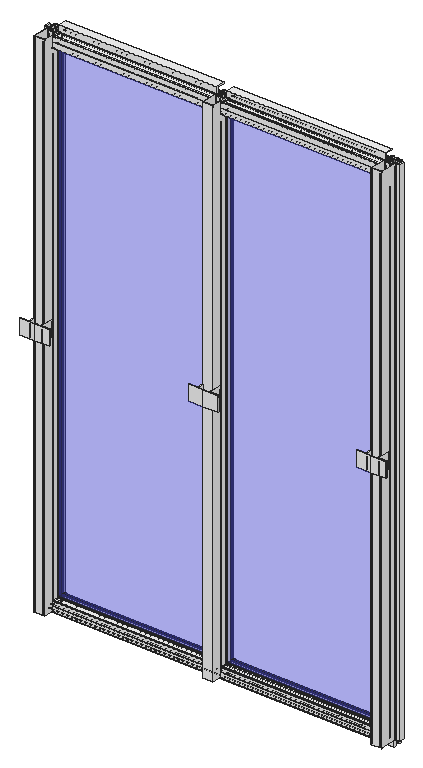
Revit family "Facade_60_Curtain_Wall_I21_Custom", category Windows, host Wall, Revit 2014 (continued)
Definition of nested family "F60 Vertical Profile Middle_I21_Cust"
  Forms (mm)
    Extrusion 2, solid, material <- "Thermal Break Material"
      sketch origin (0, 0, 0) x (1, 0, 0) y (0, 1, 0)
        loop
          line (6.95, 8.456) -> (30, 8.456) -> (53.05, 8.456)
          arc (53.05, 8.456) -> (53.474, 8.281) -> (53.65, 7.856) r 0.6
          line (53.65, 7.856) -> (53.65, 3.9) -> (60, 3.9) -> (60, 5.2) -> (58.25, 5.2) -> (58.25, 9.8) -> (30, 9.8) -> (1.75, 9.8)
      from 0 to 250 <- "Length"
    Extrusion 3, solid, material <- "Thermal Break Material", visible <- "Single Glazing"
      sketch origin (0, 0, 0) x (1, 0, 0) y (0, 1, 0)
        loop
          line (25.749, -14.011) -> (27.672, -14.011) -> (28.481, -12.611) -> (31.518, -12.611) -> (32.327, -14.011) -> (34.249, -14.011)
          arc (34.249, -14.011) -> (34.603, -13.864) -> (34.749, -13.511) r 0.5
          line (34.749, -13.511) -> (34.749, -10.011)
          arc (34.749, -10.011) -> (34.603, -9.657) -> (34.249, -9.511) r 0.5
          line (34.249, -9.511) -> (32.352, -9.511) -> (32.352, 0.19) -> (31.349, 2.261)
          arc (31.349, 2.261) -> (29.999, 2.986) -> (28.649, 2.261) r 1.62
          line (28.649, 2.261) -> (27.647, 0.19) -> (27.647, -9.511) -> (25.749, -9.511)
          arc (25.749, -9.511) -> (25.396, -9.657) -> (25.249, -10.011) r 0.5
          line (25.249, -10.011) -> (25.249, -13.511)
          arc (25.249, -13.511) -> (25.396, -13.864) -> (25.749, -14.011) r 0.5
        loop
          line (28.504, -10.005) -> (28.504, -10.861)
          arc (28.504, -10.861) -> (28.651, -11.214) -> (29.004, -11.361) r 0.5
          line (29.004, -11.361) -> (30.994, -11.361)
          arc (30.994, -11.361) -> (31.348, -11.214) -> (31.494, -10.861) r 0.5
          line (31.494, -10.861) -> (31.494, -10.005) -> (30.708, -9.219)
          arc (30.708, -9.219) -> (30.383, -9.001) -> (29.999, -8.924) r 1.007
          arc (29.999, -8.924) -> (29.616, -8.999) -> (29.292, -9.217) r 0.986
          line (29.292, -9.217) -> (28.504, -10.005)
        loop
          arc (30.896, 1.935) -> (29.887, 2.44) -> (29.005, 1.735) r 1.047
          line (29.005, 1.735) -> (28.347, 0.374) -> (28.347, -6.993)
          arc (28.347, -6.993) -> (28.583, -7.417) -> (29.068, -7.441) r 0.5
          arc (29.068, -7.441) -> (29.999, -7.223) -> (30.93, -7.441) r 2.099
          arc (30.93, -7.441) -> (31.416, -7.417) -> (31.652, -6.993) r 0.5
          line (31.652, -6.993) -> (31.652, 0.374) -> (30.896, 1.935)
      from 0 to 250 <- "Length"
    Extrusion 4, solid, material <- "Profile Material", visible <- "Single Glazing"
      sketch origin (0, 0, 0) x (1, 0, 0) y (0, 1, 0)
        loop
          line (52.693, -14.011) -> (32.327, -14.011) -> (31.519, -12.611) -> (28.481, -12.611) -> (27.673, -14.011) -> (7.307, -14.011) -> (7.307, -15.011) -> (8.457, -15.011) -> (8.457, -16.261) -> (2.957, -16.261) -> (2.957, -15.011) -> (4.107, -15.011) -> (4.107, -14.011) -> (1.707, -14.011)
          arc (1.707, -14.011) -> (1.199, -14.293) -> (1.168, -14.873) r 0.6
          line (1.168, -14.873) -> (2.093, -16.772) -> (1.015, -17.298) -> (1.484, -18.261) -> (11.488, -18.261)
          arc (11.488, -18.261) -> (11.913, -18.085) -> (12.088, -17.661) r 0.6
          line (12.088, -17.661) -> (12.088, -16.811) -> (47.912, -16.811) -> (47.912, -17.661)
          arc (47.912, -17.661) -> (48.088, -18.085) -> (48.512, -18.261) r 0.6
          line (48.512, -18.261) -> (58.518, -18.261) -> (58.987, -17.298) -> (57.908, -16.772) -> (58.834, -14.874)
          arc (58.834, -14.874) -> (58.802, -14.293) -> (58.293, -14.011) r 0.6
          line (58.293, -14.011) -> (55.893, -14.011) -> (55.893, -15.011) -> (57.043, -15.011) -> (57.043, -16.261) -> (51.543, -16.261) -> (51.543, -15.011) -> (52.693, -15.011) -> (52.693, -14.011)
      from 0 to 250 <- "Length"
    Extrusion 5, solid, material <- "Profile Material", visible <- "Single Glazing"
      sketch origin (0, 0, 0) x (1, 0, 0) y (0, 1, 0)
        loop
          line (2.801, -18.261) -> (1.484, -18.261) -> (1.015, -17.298) -> (2.093, -16.772) -> (0.779, -14.076)
          arc (0.779, -14.076) -> (0.239, -14.21) -> (0.001, -14.713) r 0.65
          line (0.001, -14.713) -> (0.001, -28.068)
          arc (0.001, -28.068) -> (1.172, -30.897) -> (4.001, -32.068) r 4
          line (4.001, -32.068) -> (30.001, -32.068) -> (56.001, -32.068)
          arc (56.001, -32.068) -> (58.829, -30.897) -> (60.001, -28.068) r 4
          line (60.001, -28.068) -> (60.001, -14.713)
          arc (60.001, -14.713) -> (59.763, -14.21) -> (59.223, -14.076) r 0.65
          line (59.223, -14.076) -> (57.908, -16.772) -> (58.987, -17.298) -> (58.518, -18.261) -> (57.201, -18.261)
          arc (57.201, -18.261) -> (56.83, -18.425) -> (56.703, -18.811) r 0.5
          arc (56.703, -18.811) -> (56.83, -19.196) -> (57.201, -19.361) r 0.5
          line (57.201, -19.361) -> (58.951, -19.361) -> (58.951, -27.968)
          arc (58.951, -27.968) -> (58.131, -29.948) -> (56.151, -30.768) r 2.8
          line (56.151, -30.768) -> (30.001, -30.768) -> (3.851, -30.768)
          arc (3.851, -30.768) -> (1.871, -29.948) -> (1.051, -27.968) r 2.8
          line (1.051, -27.968) -> (1.051, -19.361) -> (2.801, -19.361)
          arc (2.801, -19.361) -> (3.172, -19.196) -> (3.298, -18.811) r 0.5
          arc (3.298, -18.811) -> (3.172, -18.425) -> (2.801, -18.261) r 0.5
      from 0 to 250 <- "Length"
    Extrusion 6, solid, material <- "Profile Material", visible <- "100mm Mullion"
      sketch origin (0, 0, 0) x (1, 0, 0) y (0, 1, 0)
        loop
          line (14.02, 13) -> (45.98, 13)
          arc (45.98, 13) -> (46.539, 12.842) -> (46.917, 12.4) r 1
          arc (46.917, 12.4) -> (47.285, 11.963) -> (47.833, 11.8) r 1
          line (47.833, 11.8) -> (58.15, 11.8) -> (58.15, 96.3) -> (47.833, 96.3)
          arc (47.833, 96.3) -> (47.285, 96.137) -> (46.917, 95.7) r 1
          arc (46.917, 95.7) -> (46.548, 95.263) -> (46, 95.1) r 1
          line (46, 95.1) -> (14, 95.1)
          arc (14, 95.1) -> (13.452, 95.263) -> (13.083, 95.7) r 1
          arc (13.083, 95.7) -> (12.715, 96.137) -> (12.167, 96.3) r 1
          line (12.167, 96.3) -> (1.85, 96.3) -> (1.85, 11.8) -> (12.167, 11.8)
          arc (12.167, 11.8) -> (12.715, 11.963) -> (13.083, 12.4) r 1
          arc (13.083, 12.4) -> (13.461, 12.842) -> (14.02, 13) r 1
        loop
          line (1.65, 9.856) -> (58.35, 9.856) -> (58.35, 5.2) -> (60, 5.2) -> (60, 98.8)
          arc (60, 98.8) -> (59.707, 99.507) -> (59, 99.8) r 1
          line (59, 99.8) -> (1, 99.8)
          arc (1, 99.8) -> (0.293, 99.507) -> (0, 98.8) r 1
          line (0, 98.8) -> (0, 5.2) -> (1.65, 5.2) -> (1.65, 9.856)
      from 0 to 250 <- "Length"
    Extrusion 7, solid, material <- "Profile Material", visible <- "160mm Mullion"
      sketch origin (0, 0, 0) x (1, 0, 0) y (0, 1, 0)
        loop
          arc (2.35, 15.6) -> (2.526, 15.176) -> (2.95, 15) r 0.6
          line (2.95, 15) -> (57.05, 15)
          arc (57.05, 15) -> (57.474, 15.176) -> (57.65, 15.6) r 0.6
          line (57.65, 15.6) -> (57.65, 153.7)
          arc (57.65, 153.7) -> (57.474, 154.124) -> (57.05, 154.3) r 0.6
          line (57.05, 154.3) -> (47.833, 154.3)
          arc (47.833, 154.3) -> (47.285, 154.137) -> (46.917, 153.7) r 1
          arc (46.917, 153.7) -> (46.548, 153.263) -> (46, 153.1) r 1
          line (46, 153.1) -> (14, 153.1)
          arc (14, 153.1) -> (13.452, 153.263) -> (13.083, 153.7) r 1
          arc (13.083, 153.7) -> (12.715, 154.137) -> (12.167, 154.3) r 1
          line (12.167, 154.3) -> (2.95, 154.3)
          arc (2.95, 154.3) -> (2.526, 154.124) -> (2.35, 153.7) r 0.6
          line (2.35, 153.7) -> (2.35, 15.6)
        loop
          arc (1, 159.8) -> (0.293, 159.507) -> (0, 158.8) r 1
          line (0, 158.8) -> (0, 5.2) -> (1.65, 5.2) -> (1.65, 10.013) -> (58.35, 10.013) -> (58.35, 5.2) -> (60, 5.2) -> (60, 158.8)
          arc (60, 158.8) -> (59.707, 159.507) -> (59, 159.8) r 1
          line (59, 159.8) -> (1, 159.8)
      from 0 to 250 <- "Length"
    Extrusion 8, solid, material <- "Profile Material", visible <- "190mm Mullion"
      sketch origin (0, 0, 0) x (1, 0, 0) y (0, 1, 0)
        loop
          line (57.25, 15.1) -> (57.25, 178.3)
          arc (57.25, 178.3) -> (56.957, 179.007) -> (56.25, 179.3) r 1
          line (56.25, 179.3) -> (3.75, 179.3)
          arc (3.75, 179.3) -> (3.043, 179.007) -> (2.75, 178.3) r 1
          line (2.75, 178.3) -> (2.75, 15.1)
          arc (2.75, 15.1) -> (2.984, 14.534) -> (3.55, 14.3) r 0.8
          line (3.55, 14.3) -> (56.45, 14.3)
          arc (56.45, 14.3) -> (57.016, 14.534) -> (57.25, 15.1) r 0.8
        loop
          line (60, 5.2) -> (60, 188.8)
          arc (60, 188.8) -> (59.707, 189.507) -> (59, 189.8) r 1
          line (59, 189.8) -> (1, 189.8)
          arc (1, 189.8) -> (0.293, 189.507) -> (0, 188.8) r 1
          line (0, 188.8) -> (0, 5.2) -> (1.65, 5.2) -> (1.65, 9.856) -> (58.35, 9.856) -> (58.35, 5.2) -> (60, 5.2)
      from 0 to 250 <- "Length"
    Extrusion 9, solid, material <- "Thermal Break Material", visible <- "Double Glazing"
      sketch origin (0, 0, 0) x (1, 0, 0) y (0, 1, 0)
        loop
          line (27.672, -28) -> (28.48, -26.6) -> (31.518, -26.6) -> (32.326, -28) -> (34.249, -28)
          arc (34.249, -28) -> (34.603, -27.854) -> (34.749, -27.5) r 0.5
          line (34.749, -27.5) -> (34.749, -10)
          arc (34.749, -10) -> (34.603, -9.646) -> (34.249, -9.5) r 0.5
          line (34.249, -9.5) -> (32.352, -9.5) -> (32.352, 0.198) -> (31.348, 2.272)
          arc (31.348, 2.272) -> (29.998, 2.997) -> (28.648, 2.272) r 1.62
          line (28.648, 2.272) -> (27.645, 0.201) -> (27.645, -9.5) -> (25.749, -9.5)
          arc (25.749, -9.5) -> (25.396, -9.646) -> (25.249, -10) r 0.5
          line (25.249, -10) -> (25.249, -27.5)
          arc (25.249, -27.5) -> (25.396, -27.854) -> (25.749, -28) r 0.5
          line (25.749, -28) -> (27.672, -28)
        loop
          arc (30.706, -9.206) -> (30.382, -8.99) -> (29.999, -8.913) r 1.007
          arc (29.999, -8.913) -> (29.616, -8.988) -> (29.292, -9.206) r 0.986
          line (29.292, -9.206) -> (27.142, -11.356)
          arc (27.142, -11.356) -> (26.926, -11.68) -> (26.849, -12.063) r 1
          line (26.849, -12.063) -> (26.849, -24)
          arc (26.849, -24) -> (27.142, -24.707) -> (27.849, -25) r 1
          line (27.849, -25) -> (32.149, -25)
          arc (32.149, -25) -> (32.856, -24.707) -> (33.149, -24) r 1
          line (33.149, -24) -> (33.149, -12.063)
          arc (33.149, -12.063) -> (33.073, -11.68) -> (32.856, -11.356) r 1
          line (32.856, -11.356) -> (30.706, -9.206)
        loop
          arc (28.345, -6.982) -> (28.581, -7.407) -> (29.067, -7.43) r 0.5
          arc (29.067, -7.43) -> (29.998, -7.213) -> (30.929, -7.43) r 2.099
          arc (30.929, -7.43) -> (31.414, -7.407) -> (31.651, -6.982) r 0.5
          line (31.651, -6.982) -> (31.651, 0.385) -> (30.895, 1.946)
          arc (30.895, 1.946) -> (29.885, 2.45) -> (29.004, 1.745) r 1.047
          line (29.004, 1.745) -> (28.345, 0.385) -> (28.345, -6.982)
      from 0 to 250 <- "Length"
    Extrusion 10, solid, material <- "Profile Material", visible <- "Double Glazing"
      sketch origin (0, 0, 0) x (1, 0, 0) y (0, 1, 0)
        loop
          line (52.692, -28) -> (32.327, -28) -> (31.518, -26.6) -> (28.48, -26.6) -> (27.672, -28) -> (7.306, -28) -> (7.306, -29) -> (8.456, -29) -> (8.456, -30.25) -> (2.956, -30.25) -> (2.956, -29) -> (4.106, -29) -> (4.106, -28) -> (1.706, -28)
          arc (1.706, -28) -> (1.198, -28.282) -> (1.167, -28.863) r 0.6
          line (1.167, -28.863) -> (2.093, -30.762) -> (1.014, -31.288) -> (1.483, -32.25) -> (11.488, -32.25)
          arc (11.488, -32.25) -> (11.912, -32.074) -> (12.088, -31.65) r 0.6
          line (12.088, -31.65) -> (12.088, -30.8) -> (47.911, -30.8) -> (47.911, -31.65)
          arc (47.911, -31.65) -> (48.087, -32.074) -> (48.511, -32.25) r 0.6
          line (48.511, -32.25) -> (58.517, -32.25) -> (58.986, -31.288) -> (57.907, -30.762) -> (58.833, -28.864)
          arc (58.833, -28.864) -> (58.801, -28.282) -> (58.292, -28) r 0.6
          line (58.292, -28) -> (55.892, -28) -> (55.892, -29) -> (57.042, -29) -> (57.042, -30.25) -> (51.542, -30.25) -> (51.542, -29) -> (52.692, -29) -> (52.692, -28)
      from 0 to 250 <- "Length"
    Extrusion 11, solid, material <- "Profile Material", visible <- "Double Glazing"
      sketch origin (0, 0, 0) x (1, 0, 0) y (0, 1, 0)
        loop
          line (2.8, -32.25) -> (1.483, -32.25) -> (1.014, -31.288) -> (2.093, -30.762) -> (0.778, -28.065)
          arc (0.778, -28.065) -> (0.238, -28.2) -> (0, -28.702) r 0.65
          line (0, -28.702) -> (0, -42.058)
          arc (0, -42.058) -> (1.172, -44.886) -> (4, -46.058) r 4
          line (4, -46.058) -> (30, -46.058) -> (56, -46.058)
          arc (56, -46.058) -> (58.828, -44.886) -> (60, -42.058) r 4
          line (60, -42.058) -> (60, -28.702)
          arc (60, -28.702) -> (59.762, -28.2) -> (59.222, -28.065) r 0.65
          line (59.222, -28.065) -> (57.907, -30.762) -> (58.986, -31.288) -> (58.517, -32.25) -> (57.2, -32.25)
          arc (57.2, -32.25) -> (56.829, -32.415) -> (56.703, -32.8) r 0.5
          arc (56.703, -32.8) -> (56.829, -33.185) -> (57.2, -33.35) r 0.5
          line (57.2, -33.35) -> (58.95, -33.35) -> (58.95, -41.958)
          arc (58.95, -41.958) -> (58.13, -43.938) -> (56.15, -44.758) r 2.8
          line (56.15, -44.758) -> (30, -44.758) -> (3.85, -44.758)
          arc (3.85, -44.758) -> (1.87, -43.938) -> (1.05, -41.958) r 2.8
          line (1.05, -41.958) -> (1.05, -33.35) -> (2.8, -33.35)
          arc (2.8, -33.35) -> (3.171, -33.185) -> (3.297, -32.8) r 0.5
          arc (3.297, -32.8) -> (3.171, -32.415) -> (2.8, -32.25) r 0.5
      from 0 to 250 <- "Length"
    Extrusion 12, solid, material <- "Profile Material", visible <- "Double Glazing"
      sketch origin (0, 0, 0) x (1, 0, 0) y (0, 1, 0)
        loop
          line (12, -7.775) -> (0, -7.775) -> (0, -25.775) -> (12, -25.775) -> (12, -7.775)
        loop
          line (10.8, -8.975) -> (1.2, -8.975) -> (1.2, -24.575) -> (10.8, -24.575) -> (10.8, -8.975)
      from 0 to 250 <- "Length"
  Lines and regions (mm)
    model lines, style "GenericModelHiddenLines", visible <- "Half 100mm Expansion Break"
      curve 1: line (60, 5.2, 125) -> (60, 95.2, 125)
      curve 2: line (60, 99.8, 125) -> (0, 99.8, 125)
      curve 8: line (0, 5.2, 125) -> (0, 95.2, 125)
    model lines, style "GenericModelHiddenLines", visible <- "Quarter 100mm Expansion Break"
      curve 3: line (60, 5.2, 187.5) -> (60, 95.2, 187.5)
      curve 4: line (60, 5.2, 62.5) -> (60, 95.2, 62.5)
      curve 5: line (60, 99.8, 62.5) -> (0, 99.8, 62.5)
      curve 6: line (60, 99.8, 187.5) -> (0, 99.8, 187.5)
      curve 7: line (0, 5.2, 187.5) -> (0, 95.2, 187.5)
      curve 9: line (0, 5.2, 62.5) -> (0, 95.2, 62.5)
    model lines, style "GenericModelHiddenLines", visible <- "Half SG Expansion Break"
      curve 10: line (4.107, -32.068, 125) -> (55.893, -32.068, 125)
      curve 14: line (60.001, -14.011, 125) -> (60.001, -32.068, 125)
    model lines, style "GenericModelHiddenLines", visible <- "Quarter SG Expansion Break"
      curve 11: line (4.107, -32.068, 187.5) -> (56.703, -32.068, 187.5)
      curve 12: line (4.107, -32.068, 62.5) -> (56.703, -32.068, 62.5)
      curve 13: line (60.001, -14.011, 187.5) -> (60.001, -32.068, 187.5)
      curve 15: line (60.001, -14.011, 62.5) -> (60.001, -32.068, 62.5)
    model lines, style "GenericModelHiddenLines", visible <- "Quarter 160mm Expansion Break"
      curve 16: line (0, 5.2, 187.5) -> (0, 155.2, 187.5)
      curve 18: line (0, 5.2, 62.5) -> (0, 155.2, 62.5)
      curve 19: line (0, 159.8, 187.5) -> (60, 159.8, 187.5)
      curve 21: line (0, 159.8, 62.5) -> (60, 159.8, 62.5)
      curve 22: line (60, 5.2, 187.5) -> (60, 155.2, 187.5)
      curve 24: line (60, 5.2, 62.5) -> (60, 155.2, 62.5)
    model lines, style "GenericModelHiddenLines", visible <- "Half 160mm Expansion Break"
      curve 17: line (0, 5.2, 125) -> (0, 155.2, 125)
      curve 20: line (0, 159.8, 125) -> (60, 159.8, 125)
      curve 23: line (60, 5.2, 125) -> (60, 155.2, 125)
    model lines, style "GenericModelHiddenLines", visible <- "Quarter 190mm Expansion Break"
      curve 25: line (0, 5.2, 187.5) -> (0, 185.2, 187.5)
      curve 27: line (0, 5.2, 62.5) -> (0, 185.2, 62.5)
      curve 28: line (0.779, 189.8, 187.5) -> (59.222, 189.8, 187.5)
      curve 30: line (0.779, 189.8, 62.5) -> (59.222, 189.8, 62.5)
      curve 31: line (60, 5.2, 187.5) -> (60, 185.2, 187.5)
      curve 33: line (60, 5.2, 62.5) -> (60, 185.2, 62.5)
    model lines, style "GenericModelHiddenLines", visible <- "Half 190mm Expansion Joint"
      curve 26: line (0, 5.2, 125) -> (0, 185.2, 125)
      curve 29: line (0.779, 189.8, 125) -> (59.222, 189.8, 125)
      curve 32: line (60, 5.2, 125) -> (60, 185.2, 125)
    model lines, style "GenericModelHiddenLines", visible <- "Quarter DG Expansion Break"
      curve 34: line (60, -28.065, 187.5) -> (60, -46.074, 187.5)
      curve 36: line (60, -28.065, 62.5) -> (60, -46.027, 62.5)
      curve 37: line (59.222, -46.058, 187.5) -> (0.779, -46.058, 187.5)
      curve 39: line (59.222, -46.058, 62.5) -> (0.779, -46.058, 62.5)
    model lines, style "GenericModelHiddenLines", visible <- "Half DG Expansion Break"
      curve 35: line (60, -28.065, 125) -> (60, -46.074, 125)
      curve 38: line (59.222, -46.058, 125) -> (0.779, -46.058, 125)
  Dimensions and locks
    "Half Length": curve 1 to level
    "Half Length": level to curve 2
    "Quarter Length": curve 4 to level
    "Quarter Length": Extrusion 8 to curve 3
    "Quarter Length": level to curve 5
    "Quarter Length": curve 6 to Extrusion 6
    "Quarter Length": curve 9 to level
    "Half Length": curve 8 to level
    "Quarter Length": Extrusion 8 to curve 7
    "Quarter Length": curve 12 to level
    "Half Length": curve 10 to level
    "Quarter Length": Extrusion 5 to curve 11
    "Quarter Length": curve 15 to level
    "Half Length": curve 14 to level
    "Quarter Length": Extrusion 5 to curve 13
    "Quarter Length": Extrusion 7 to curve 18
    "Half Length": Extrusion 7 to curve 17
    "Quarter Length": Extrusion 7 to curve 16
    "Quarter Length": Extrusion 7 to curve 21
    "Quarter Length": curve 19 to Extrusion 7
    "Half Length": Extrusion 7 to curve 20
    "Quarter Length": Extrusion 7 to curve 24
    "Quarter Length": Extrusion 7 to curve 22
    "Half Length": Extrusion 7 to curve 23
    "Quarter Length": Extrusion 8 to curve 27
    "Quarter Length": Extrusion 8 to curve 25
    "Half Length": Extrusion 8 to curve 26
    "Quarter Length": Extrusion 8 to curve 30
    "Quarter Length": curve 28 to Extrusion 8
    "Half Length": Extrusion 8 to curve 29
    "Quarter Length": Extrusion 8 to curve 33
    "Quarter Length": Extrusion 8 to curve 31
    "Half Length": Extrusion 8 to curve 32
    "Quarter Length": Extrusion 11 to curve 36
    "Quarter Length": Extrusion 11 to curve 34
    "Half Length": Extrusion 11 to curve 35
    "Quarter Length": Extrusion 11 to curve 37
    "Quarter Length": curve 39 to Extrusion 11
    "Half Length": curve 38 to Extrusion 11
    aligned and locked: level to plane 2
  Automatic sketch dimensions
    Extrusion 1 sketch curve to plane 3 "Center (Left/Right)" = 0 mm
    plane 1 "Center (Front/Back)" to Extrusion 1 sketch curve = 0 mm  (x4)
    plane 3 "Center (Left/Right)" to Extrusion 1 sketch curve = 0.5 mm
    Extrusion 1 sketch curve to Extrusion 1 sketch curve = 0.7 mm  (x2)
    Extrusion 1 sketch curve to Extrusion 1 sketch curve = 1.15 mm  (x4)
    Extrusion 1 sketch curve to Extrusion 1 sketch curve = 3.2 mm  (x2)
    Extrusion 1 sketch curve to Extrusion 1 sketch curve = 0.9 mm
    Extrusion 1 sketch curve to Extrusion 1 sketch curve = 0.25 mm
    Extrusion 1 sketch curve to Extrusion 1 sketch curve = 0.8 mm  (x7)
    Extrusion 1 sketch curve to Extrusion 1 sketch curve = 1.45 mm  (x2)
    Extrusion 1 sketch curve to Extrusion 1 sketch curve = 0.65 mm  (x3)
    Extrusion 1 sketch curve to Extrusion 1 sketch curve = 0.95 mm  (x3)
    Extrusion 1 sketch curve to Extrusion 1 sketch curve = 0.6 mm  (x3)
    Extrusion 1 sketch curve to plane 1 "Center (Front/Back)" = 7 mm
    Extrusion 1 sketch curve to Extrusion 1 sketch curve = 14.999 mm  (x2)
    plane 1 "Center (Front/Back)" to Extrusion 1 sketch curve = 8.7 mm
    Extrusion 1 sketch curve to Extrusion 1 sketch curve = 1.85 mm
    Extrusion 1 sketch curve to Extrusion 1 sketch curve = 2.9 mm
    Extrusion 1 sketch curve to Extrusion 1 sketch curve = 5.802 mm
    Extrusion 1 sketch curve to Extrusion 1 sketch curve = 1.049 mm
    Extrusion 1 sketch curve to plane 1 "Center (Front/Back)" = 4.55 mm
    Extrusion 1 sketch curve to plane 1 "Center (Front/Back)" = 0.5 mm  (x3)
    Extrusion 1 sketch curve to Extrusion 1 sketch curve = 1.2 mm
    Extrusion 1 sketch curve to plane 1 "Center (Front/Back)" = 1.15 mm  (x2)
    Extrusion 1 sketch curve to Extrusion 1 sketch curve = 0 mm
    Extrusion 1 sketch curve to Extrusion 1 sketch curve = 1.3 mm  (x2)
    Extrusion 1 sketch curve to Extrusion 1 sketch curve = 0.05 mm  (x2)
    Extrusion 1 sketch curve to Extrusion 1 sketch curve = 0.85 mm  (x2)
    Extrusion 1 sketch curve to plane 1 "Center (Front/Back)" = 6.2 mm
    Extrusion 2 sketch curve to plane 3 "Center (Left/Right)" = 0 mm
    plane 3 "Center (Left/Right)" to Extrusion 2 sketch curve = 1.75 mm
    Extrusion 2 sketch curve to Extrusion 2 sketch curve = 4.6 mm  (x4)
    Extrusion 2 sketch curve to Extrusion 2 sketch curve = 0.6 mm  (x2)
    Extrusion 2 sketch curve to plane 1 "Center (Front/Back)" = 9.8 mm
    Extrusion 2 sketch curve to Extrusion 2 sketch curve = 23.05 mm  (x2)
    Extrusion 2 sketch curve to Extrusion 2 sketch curve = 0 mm
    Extrusion 2 sketch curve to plane 1 "Center (Front/Back)" = 8.456 mm
    Extrusion 2 sketch curve to Extrusion 2 sketch curve = 1.75 mm
    Extrusion 2 sketch curve to plane 1 "Center (Front/Back)" = 3.9 mm  (x2)
    plane 3 "Center (Left/Right)" to Extrusion 3 sketch curve = 25.249 mm
    Extrusion 3 sketch curve to Extrusion 3 sketch curve = 0.5 mm  (x6)
    Extrusion 3 sketch curve to plane 1 "Center (Front/Back)" = 0.19 mm  (x2)
    Extrusion 3 sketch curve to Extrusion 3 sketch curve = 1.897 mm  (x2)
    Extrusion 3 sketch curve to Extrusion 3 sketch curve = 1.922 mm  (x2)
    Extrusion 3 sketch curve to plane 1 "Center (Front/Back)" = 0.374 mm  (x2)
    Extrusion 3 sketch curve to Extrusion 3 sketch curve = 0.7 mm  (x2)
    plane 1 "Center (Front/Back)" to Extrusion 3 sketch curve = 12.611 mm
    Extrusion 3 sketch curve to Extrusion 3 sketch curve = 0.809 mm
    Extrusion 3 sketch curve to Extrusion 3 sketch curve = 0.858 mm
    Extrusion 3 sketch curve to plane 1 "Center (Front/Back)" = 2.261 mm  (x2)
    Extrusion 3 sketch curve to Extrusion 3 sketch curve = 0.303 mm
    Extrusion 3 sketch curve to plane 1 "Center (Front/Back)" = 1.735 mm
    Extrusion 3 sketch curve to Extrusion 3 sketch curve = 0.356 mm
    plane 1 "Center (Front/Back)" to Extrusion 3 sketch curve = 9.217 mm
    Extrusion 3 sketch curve to Extrusion 3 sketch curve = 0.788 mm
    Extrusion 3 sketch curve to Extrusion 3 sketch curve = 0.701 mm
    Extrusion 3 sketch curve to Extrusion 3 sketch curve = 0.003 mm
    Extrusion 3 sketch curve to Extrusion 3 sketch curve = 0.992 mm
    Extrusion 3 sketch curve to Extrusion 3 sketch curve = 0.006 mm
    Extrusion 3 sketch curve to Extrusion 3 sketch curve = 0.002 mm
    plane 1 "Center (Front/Back)" to Extrusion 3 sketch curve = 9.219 mm
    Extrusion 3 sketch curve to Extrusion 3 sketch curve = 0.709 mm
    Extrusion 3 sketch curve to plane 1 "Center (Front/Back)" = 1.935 mm
    Extrusion 3 sketch curve to Extrusion 3 sketch curve = 0.899 mm
    Extrusion 3 sketch curve to Extrusion 3 sketch curve = 0.998 mm
    Extrusion 3 sketch curve to Extrusion 3 sketch curve = 0.444 mm
    Extrusion 3 sketch curve to Extrusion 3 sketch curve = 0.524 mm
    Extrusion 3 sketch curve to Extrusion 3 sketch curve = 0.756 mm
    Extrusion 3 sketch curve to Extrusion 3 sketch curve = 0.808 mm
    Extrusion 3 sketch curve to Extrusion 3 sketch curve = 0.9 mm  (x2)
    Extrusion 3 sketch curve to Extrusion 3 sketch curve = 1.25 mm
    Extrusion 3 sketch curve to Extrusion 3 sketch curve = 0.85 mm  (x2)
    Extrusion 3 sketch curve to Extrusion 3 sketch curve = 0.856 mm  (x2)
    Extrusion 3 sketch curve to Extrusion 3 sketch curve = 0.714 mm
    Extrusion 3 sketch curve to Extrusion 3 sketch curve = 0.02 mm
    Extrusion 3 sketch curve to Extrusion 3 sketch curve = 0.399 mm
    Extrusion 3 sketch curve to Extrusion 3 sketch curve = 2.224 mm
    Extrusion 3 sketch curve to Extrusion 3 sketch curve = 0.448 mm
    Extrusion 3 sketch curve to Extrusion 3 sketch curve = 0.032 mm
    Extrusion 3 sketch curve to Extrusion 3 sketch curve = 0 mm
    plane 3 "Center (Left/Right)" to Extrusion 4 sketch curve = 1.015 mm
    Extrusion 4 sketch curve to Extrusion 4 sketch curve = 0.469 mm
    plane 3 "Center (Left/Right)" to Extrusion 4 sketch curve = 1.707 mm
    Extrusion 4 sketch curve to Extrusion 4 sketch curve = 1.079 mm
    Extrusion 4 sketch curve to Extrusion 4 sketch curve = 0.864 mm
    Extrusion 4 sketch curve to Extrusion 4 sketch curve = 1.15 mm  (x4)
    Extrusion 4 sketch curve to Extrusion 4 sketch curve = 3.2 mm  (x2)
    Extrusion 4 sketch curve to Extrusion 4 sketch curve = 3.031 mm  (x2)
    Extrusion 4 sketch curve to Extrusion 4 sketch curve = 0.6 mm  (x3)
    Extrusion 4 sketch curve to Extrusion 4 sketch curve = 15.584 mm  (x2)
    plane 1 "Center (Front/Back)" to Extrusion 4 sketch curve = 12.611 mm
    Extrusion 4 sketch curve to Extrusion 4 sketch curve = 0.808 mm  (x2)
    Extrusion 4 sketch curve to Extrusion 4 sketch curve = 3.038 mm
    plane 1 "Center (Front/Back)" to Extrusion 4 sketch curve = 14.011 mm
    plane 1 "Center (Front/Back)" to Extrusion 4 sketch curve = 16.772 mm
    Extrusion 4 sketch curve to Extrusion 4 sketch curve = 0.865 mm
    Extrusion 4 sketch curve to Extrusion 4 sketch curve = 1.25 mm  (x4)
    plane 1 "Center (Front/Back)" to Extrusion 4 sketch curve = 18.261 mm
    Extrusion 4 sketch curve to Extrusion 4 sketch curve = 0.61 mm
    plane 1 "Center (Front/Back)" to Extrusion 4 sketch curve = 17.298 mm
    Extrusion 4 sketch curve to Extrusion 4 sketch curve = 5.65 mm
    Extrusion 4 sketch curve to Extrusion 4 sketch curve = 0.962 mm
    Extrusion 4 sketch curve to Extrusion 4 sketch curve = 0.85 mm
    Extrusion 4 sketch curve to Extrusion 4 sketch curve = 0.512 mm  (x2)
    Extrusion 4 sketch curve to Extrusion 4 sketch curve = 1 mm  (x2)
    Extrusion 4 sketch curve to Extrusion 4 sketch curve = 0.4 mm  (x2)
    Extrusion 4 sketch curve to Extrusion 4 sketch curve = 1.4 mm
    Extrusion 4 sketch curve to Extrusion 4 sketch curve = 0.539 mm  (x2)
    Extrusion 4 sketch curve to Extrusion 4 sketch curve = 0 mm
    plane 1 "Center (Front/Back)" to Extrusion 4 sketch curve = 14.874 mm
    plane 3 "Center (Left/Right)" to Extrusion 5 sketch curve = 0.001 mm
    Extrusion 5 sketch curve to Extrusion 5 sketch curve = 0.65 mm  (x2)
    Extrusion 5 sketch curve to Extrusion 5 sketch curve = 0.128 mm  (x2)
    plane 3 "Center (Left/Right)" to Extrusion 5 sketch curve = 1.015 mm
    plane 3 "Center (Left/Right)" to Extrusion 5 sketch curve = 1.051 mm
    Extrusion 5 sketch curve to Extrusion 5 sketch curve = 0.469 mm  (x2)
    Extrusion 5 sketch curve to Extrusion 5 sketch curve = 1.079 mm
    Extrusion 5 sketch curve to Extrusion 5 sketch curve = 1.317 mm  (x2)
    Extrusion 5 sketch curve to Extrusion 5 sketch curve = 0 mm  (x3)
    plane 3 "Center (Left/Right)" to Extrusion 5 sketch curve = 3.851 mm
    Extrusion 5 sketch curve to Extrusion 5 sketch curve = 0.15 mm  (x2)
    Extrusion 5 sketch curve to Extrusion 5 sketch curve = 26 mm  (x2)
    Extrusion 5 sketch curve to Extrusion 5 sketch curve = 1.05 mm
    plane 1 "Center (Front/Back)" to Extrusion 5 sketch curve = 16.772 mm
    Extrusion 5 sketch curve to Extrusion 5 sketch curve = 0.707 mm
    Extrusion 5 sketch curve to Extrusion 5 sketch curve = 0.433 mm
    plane 1 "Center (Front/Back)" to Extrusion 5 sketch curve = 17.298 mm
    plane 1 "Center (Front/Back)" to Extrusion 5 sketch curve = 14.076 mm
    Extrusion 5 sketch curve to Extrusion 5 sketch curve = 0.5 mm  (x2)
    plane 1 "Center (Front/Back)" to Extrusion 5 sketch curve = 18.761 mm
    Extrusion 5 sketch curve to Extrusion 5 sketch curve = 0.1 mm  (x3)
    Extrusion 5 sketch curve to Extrusion 5 sketch curve = 1.1 mm  (x2)
    Extrusion 5 sketch curve to Extrusion 5 sketch curve = 8.608 mm
    Extrusion 5 sketch curve to Extrusion 5 sketch curve = 0.962 mm
    Extrusion 6 sketch curve to plane 3 "Center (Left/Right)" = 0 mm
    plane 3 "Center (Left/Right)" to Extrusion 6 sketch curve = 1 mm
    plane 3 "Center (Left/Right)" to Extrusion 6 sketch curve = 1.65 mm
    plane 3 "Center (Left/Right)" to Extrusion 6 sketch curve = 1.85 mm
    Extrusion 6 sketch curve to Extrusion 6 sketch curve = 10.317 mm  (x3)
    Extrusion 6 sketch curve to Extrusion 6 sketch curve = 1.833 mm  (x4)
    Extrusion 6 sketch curve to Extrusion 6 sketch curve = 0.02 mm  (x2)
    Extrusion 6 sketch curve to plane 1 "Center (Front/Back)" = 13 mm
    Extrusion 6 sketch curve to Extrusion 6 sketch curve = 31.961 mm
    Extrusion 6 sketch curve to Extrusion 6 sketch curve = 32 mm
    Extrusion 6 sketch curve to Extrusion 6 sketch curve = 0.2 mm  (x5)
    Extrusion 6 sketch curve to Extrusion 6 sketch curve = 0.85 mm
    Extrusion 6 sketch curve to Extrusion 6 sketch curve = 1.65 mm
    Extrusion 6 sketch curve to Extrusion 6 sketch curve = 1 mm  (x8)
    Extrusion 6 sketch curve to Extrusion 6 sketch curve = 1.944 mm
    Extrusion 6 sketch curve to Extrusion 6 sketch curve = 4.656 mm  (x2)
    Extrusion 6 sketch curve to Extrusion 6 sketch curve = 82.1 mm
    Extrusion 6 sketch curve to Extrusion 6 sketch curve = 2.5 mm
    Extrusion 7 sketch curve to plane 3 "Center (Left/Right)" = 0 mm
    Extrusion 7 sketch curve to Extrusion 7 sketch curve = 1 mm  (x3)
    plane 3 "Center (Left/Right)" to Extrusion 7 sketch curve = 1.65 mm
    plane 3 "Center (Left/Right)" to Extrusion 7 sketch curve = 2.35 mm
    Extrusion 7 sketch curve to Extrusion 7 sketch curve = 0.6 mm  (x3)
    Extrusion 7 sketch curve to Extrusion 7 sketch curve = 9.217 mm  (x2)
    Extrusion 7 sketch curve to Extrusion 7 sketch curve = 1.833 mm  (x2)
    Extrusion 7 sketch curve to Extrusion 7 sketch curve = 32 mm
    Extrusion 7 sketch curve to plane 1 "Center (Front/Back)" = 15 mm
    Extrusion 7 sketch curve to Extrusion 7 sketch curve = 54.1 mm
    Extrusion 7 sketch curve to Extrusion 7 sketch curve = 1.3 mm
    Extrusion 7 sketch curve to Extrusion 7 sketch curve = 1.95 mm
    Extrusion 7 sketch curve to Extrusion 7 sketch curve = 1.65 mm
    Extrusion 7 sketch curve to Extrusion 7 sketch curve = 4.987 mm
    Extrusion 7 sketch curve to Extrusion 7 sketch curve = 4.813 mm
    Extrusion 7 sketch curve to Extrusion 7 sketch curve = 4.812 mm
    Extrusion 7 sketch curve to Extrusion 7 sketch curve = 137.5 mm
    Extrusion 7 sketch curve to Extrusion 7 sketch curve = 0.2 mm  (x2)
    Extrusion 7 sketch curve to Extrusion 7 sketch curve = 0.4 mm  (x2)
    Extrusion 7 sketch curve to Extrusion 7 sketch curve = 4.5 mm
    Extrusion 8 sketch curve to plane 3 "Center (Left/Right)" = 0 mm
    Extrusion 8 sketch curve to Extrusion 8 sketch curve = 1 mm  (x3)
    plane 3 "Center (Left/Right)" to Extrusion 8 sketch curve = 1.65 mm
    plane 3 "Center (Left/Right)" to Extrusion 8 sketch curve = 2.75 mm
    Extrusion 8 sketch curve to Extrusion 8 sketch curve = 0.8 mm  (x2)
    Extrusion 8 sketch curve to Extrusion 8 sketch curve = 52.5 mm
    Extrusion 8 sketch curve to plane 1 "Center (Front/Back)" = 15.1 mm
    Extrusion 8 sketch curve to Extrusion 8 sketch curve = 52.9 mm
    Extrusion 8 sketch curve to Extrusion 8 sketch curve = 1.9 mm
    Extrusion 8 sketch curve to Extrusion 8 sketch curve = 2.75 mm
    Extrusion 8 sketch curve to Extrusion 8 sketch curve = 4.444 mm
    Extrusion 8 sketch curve to Extrusion 8 sketch curve = 4.656 mm  (x2)
    Extrusion 8 sketch curve to Extrusion 8 sketch curve = 163.2 mm
    Extrusion 8 sketch curve to Extrusion 8 sketch curve = 9.5 mm
    plane 3 "Center (Left/Right)" to Extrusion 9 sketch curve = 25.249 mm
    Extrusion 9 sketch curve to Extrusion 9 sketch curve = 0.5 mm  (x4)
    Extrusion 9 sketch curve to Extrusion 9 sketch curve = 1.1 mm
    plane 1 "Center (Front/Back)" to Extrusion 9 sketch curve = 11.356 mm  (x2)
    Extrusion 9 sketch curve to Extrusion 9 sketch curve = 0.293 mm  (x2)
    Extrusion 9 sketch curve to Extrusion 9 sketch curve = 1.896 mm
    Extrusion 9 sketch curve to Extrusion 9 sketch curve = 1.922 mm
    Extrusion 9 sketch curve to Extrusion 9 sketch curve = 1 mm  (x2)
    Extrusion 9 sketch curve to Extrusion 9 sketch curve = 0.7 mm
    Extrusion 9 sketch curve to Extrusion 9 sketch curve = 0.808 mm
    Extrusion 9 sketch curve to plane 1 "Center (Front/Back)" = 2.272 mm  (x2)
    Extrusion 9 sketch curve to Extrusion 9 sketch curve = 0.303 mm
    Extrusion 9 sketch curve to plane 1 "Center (Front/Back)" = 1.745 mm
    Extrusion 9 sketch curve to Extrusion 9 sketch curve = 0.356 mm
    plane 1 "Center (Front/Back)" to Extrusion 9 sketch curve = 9.206 mm  (x2)
    Extrusion 9 sketch curve to Extrusion 9 sketch curve = 1.647 mm
    Extrusion 9 sketch curve to Extrusion 9 sketch curve = 0.701 mm
    Extrusion 9 sketch curve to Extrusion 9 sketch curve = 0.992 mm
    Extrusion 9 sketch curve to Extrusion 9 sketch curve = 0.003 mm
    Extrusion 9 sketch curve to Extrusion 9 sketch curve = 0.002 mm
    Extrusion 9 sketch curve to Extrusion 9 sketch curve = 0.004 mm
    Extrusion 9 sketch curve to Extrusion 9 sketch curve = 0.708 mm
    Extrusion 9 sketch curve to plane 1 "Center (Front/Back)" = 1.946 mm
    Extrusion 9 sketch curve to Extrusion 9 sketch curve = 0.899 mm
    Extrusion 9 sketch curve to Extrusion 9 sketch curve = 0.444 mm
    Extrusion 9 sketch curve to Extrusion 9 sketch curve = 3.038 mm
    Extrusion 9 sketch curve to plane 1 "Center (Front/Back)" = 0.385 mm  (x2)
    Extrusion 9 sketch curve to Extrusion 9 sketch curve = 0.756 mm
    Extrusion 9 sketch curve to Extrusion 9 sketch curve = 2.153 mm
    Extrusion 9 sketch curve to Extrusion 9 sketch curve = 0.631 mm
    Extrusion 9 sketch curve to Extrusion 9 sketch curve = 0.807 mm
    Extrusion 9 sketch curve to Extrusion 9 sketch curve = 1.646 mm
    Extrusion 9 sketch curve to Extrusion 9 sketch curve = 0.707 mm
    Extrusion 9 sketch curve to Extrusion 9 sketch curve = 1.393 mm
    Extrusion 9 sketch curve to Extrusion 9 sketch curve = 1.923 mm
    Extrusion 9 sketch curve to Extrusion 9 sketch curve = 11.937 mm
    Extrusion 9 sketch curve to Extrusion 9 sketch curve = 1.6 mm
    Extrusion 9 sketch curve to Extrusion 9 sketch curve = 0.9 mm  (x2)
    Extrusion 9 sketch curve to Extrusion 9 sketch curve = 1.356 mm  (x2)
    Extrusion 9 sketch curve to Extrusion 9 sketch curve = 0.714 mm
    Extrusion 9 sketch curve to Extrusion 9 sketch curve = 0.02 mm
    Extrusion 9 sketch curve to Extrusion 9 sketch curve = 0.399 mm
    Extrusion 9 sketch curve to Extrusion 9 sketch curve = 2.224 mm
    Extrusion 9 sketch curve to Extrusion 9 sketch curve = 0.448 mm
    Extrusion 9 sketch curve to plane 1 "Center (Front/Back)" = 0.198 mm
    Extrusion 9 sketch curve to plane 1 "Center (Front/Back)" = 0.201 mm
    Extrusion 9 sketch curve to Extrusion 9 sketch curve = 0.032 mm
    Extrusion 9 sketch curve to Extrusion 9 sketch curve = 0 mm
    plane 3 "Center (Left/Right)" to Extrusion 10 sketch curve = 1.014 mm
    Extrusion 10 sketch curve to Extrusion 10 sketch curve = 0.469 mm  (x2)
    plane 3 "Center (Left/Right)" to Extrusion 10 sketch curve = 1.706 mm
    Extrusion 10 sketch curve to Extrusion 10 sketch curve = 1.079 mm
    Extrusion 10 sketch curve to Extrusion 10 sketch curve = 0.864 mm
    Extrusion 10 sketch curve to Extrusion 10 sketch curve = 1.15 mm  (x4)
    Extrusion 10 sketch curve to Extrusion 10 sketch curve = 3.2 mm  (x2)
    Extrusion 10 sketch curve to Extrusion 10 sketch curve = 3.031 mm  (x2)
    Extrusion 10 sketch curve to Extrusion 10 sketch curve = 0.6 mm  (x3)
    Extrusion 10 sketch curve to Extrusion 10 sketch curve = 15.584 mm  (x2)
    Extrusion 10 sketch curve to Extrusion 10 sketch curve = 0.808 mm  (x2)
    Extrusion 10 sketch curve to Extrusion 10 sketch curve = 3.038 mm
    Extrusion 10 sketch curve to Extrusion 10 sketch curve = 0.865 mm
    Extrusion 10 sketch curve to Extrusion 10 sketch curve = 1.25 mm  (x5)
    Extrusion 10 sketch curve to Extrusion 10 sketch curve = 0.61 mm
    plane 1 "Center (Front/Back)" to Extrusion 10 sketch curve = 31.288 mm
    Extrusion 10 sketch curve to Extrusion 10 sketch curve = 0.362 mm
    plane 1 "Center (Front/Back)" to Extrusion 10 sketch curve = 31.65 mm
    Extrusion 10 sketch curve to Extrusion 10 sketch curve = 0.962 mm
    Extrusion 10 sketch curve to Extrusion 10 sketch curve = 0.85 mm
    Extrusion 10 sketch curve to Extrusion 10 sketch curve = 0.512 mm  (x2)
    Extrusion 10 sketch curve to Extrusion 10 sketch curve = 0.4 mm  (x2)
    Extrusion 10 sketch curve to Extrusion 10 sketch curve = 1 mm
    Extrusion 10 sketch curve to Extrusion 10 sketch curve = 2.8 mm
    Extrusion 10 sketch curve to Extrusion 10 sketch curve = 0 mm  (x2)
    Extrusion 10 sketch curve to Extrusion 10 sketch curve = 1.4 mm
    Extrusion 10 sketch curve to Extrusion 10 sketch curve = 0.539 mm  (x2)
    plane 1 "Center (Front/Back)" to Extrusion 10 sketch curve = 28.864 mm
    Extrusion 11 sketch curve to plane 3 "Center (Left/Right)" = 0 mm
    plane 3 "Center (Left/Right)" to Extrusion 11 sketch curve = 0.65 mm
    Extrusion 11 sketch curve to Extrusion 11 sketch curve = 0.128 mm  (x2)
    plane 3 "Center (Left/Right)" to Extrusion 11 sketch curve = 1.014 mm
    plane 3 "Center (Left/Right)" to Extrusion 11 sketch curve = 1.05 mm
    Extrusion 11 sketch curve to Extrusion 11 sketch curve = 0.469 mm  (x2)
    Extrusion 11 sketch curve to Extrusion 11 sketch curve = 1.079 mm
    Extrusion 11 sketch curve to Extrusion 11 sketch curve = 1.317 mm  (x2)
    Extrusion 11 sketch curve to Extrusion 11 sketch curve = 0 mm  (x3)
    plane 3 "Center (Left/Right)" to Extrusion 11 sketch curve = 3.85 mm
    Extrusion 11 sketch curve to Extrusion 11 sketch curve = 0.15 mm  (x2)
    Extrusion 11 sketch curve to Extrusion 11 sketch curve = 26 mm  (x2)
    Extrusion 11 sketch curve to Extrusion 11 sketch curve = 1.05 mm
    Extrusion 11 sketch curve to Extrusion 11 sketch curve = 0.707 mm
    Extrusion 11 sketch curve to Extrusion 11 sketch curve = 0.433 mm
    plane 1 "Center (Front/Back)" to Extrusion 11 sketch curve = 31.288 mm
    plane 1 "Center (Front/Back)" to Extrusion 11 sketch curve = 28.065 mm
    Extrusion 11 sketch curve to Extrusion 11 sketch curve = 1.314 mm
    Extrusion 11 sketch curve to Extrusion 11 sketch curve = 0.65 mm
    Extrusion 11 sketch curve to Extrusion 11 sketch curve = 0.5 mm  (x2)
    plane 1 "Center (Front/Back)" to Extrusion 11 sketch curve = 32.75 mm
    Extrusion 11 sketch curve to Extrusion 11 sketch curve = 0.1 mm  (x3)
    Extrusion 11 sketch curve to Extrusion 11 sketch curve = 1.1 mm  (x2)
    Extrusion 11 sketch curve to Extrusion 11 sketch curve = 8.608 mm
    Extrusion 11 sketch curve to Extrusion 11 sketch curve = 0.962 mm
    Extrusion 12 sketch curve to plane 3 "Center (Left/Right)" = 0 mm
    plane 3 "Center (Left/Right)" to Extrusion 12 sketch curve = 1.2 mm
    Extrusion 12 sketch curve to Extrusion 12 sketch curve = 9.6 mm
    Extrusion 12 sketch curve to Extrusion 12 sketch curve = 1.2 mm  (x3)
    plane 1 "Center (Front/Back)" to Extrusion 12 sketch curve = 25.775 mm
    plane 1 "Center (Front/Back)" to Extrusion 12 sketch curve = 8.975 mm
    curve 4 to Extrusion 6 = 0 mm
    curve 3 to Extrusion 6 = 0 mm
    curve 1 to Extrusion 6 = 0 mm
    curve 4 to Extrusion 6 = 3.6 mm
    curve 3 to Extrusion 6 = 3.6 mm
    curve 1 to Extrusion 6 = 3.6 mm
    Extrusion 6 to curve 2 = 1 mm
    Extrusion 6 to curve 5 = 1 mm
    Extrusion 6 to curve 6 = 1 mm
    curve 6 to Extrusion 6 = 1 mm
    curve 5 to Extrusion 6 = 1 mm
    curve 2 to Extrusion 6 = 1 mm
    curve 9 to Extrusion 6 = 0 mm
    curve 8 to Extrusion 6 = 0 mm
    curve 7 to Extrusion 6 = 0 mm
    Extrusion 6 to curve 8 = 3.6 mm
    Extrusion 6 to curve 9 = 3.6 mm
    Extrusion 6 to curve 7 = 3.6 mm
    curve 12 to Extrusion 5 = 25.894 mm
    curve 11 to Extrusion 5 = 25.894 mm
    curve 10 to Extrusion 5 = 25.894 mm
    curve 10 to Extrusion 5 = 0.108 mm
    Extrusion 5 to curve 12 = 0.703 mm
    Extrusion 5 to curve 11 = 0.703 mm
    curve 13 to Extrusion 5 = 4 mm
    curve 14 to Extrusion 5 = 4 mm
    curve 15 to Extrusion 5 = 4 mm
    Extrusion 5 to curve 15 = 0.702 mm
    Extrusion 5 to curve 14 = 0.702 mm
    Extrusion 5 to curve 13 = 0.702 mm
    curve 18 to Extrusion 7 = 0 mm
    curve 17 to Extrusion 7 = 0 mm
    curve 16 to Extrusion 7 = 0 mm
    Extrusion 7 to curve 17 = 3.6 mm
    Extrusion 7 to curve 18 = 3.6 mm
    Extrusion 7 to curve 16 = 3.6 mm
    Extrusion 7 to curve 21 = 1 mm  (x2)
    Extrusion 7 to curve 20 = 1 mm  (x2)
    Extrusion 7 to curve 19 = 1 mm  (x2)
    curve 24 to Extrusion 7 = 0 mm
    curve 23 to Extrusion 7 = 0 mm
    curve 22 to Extrusion 7 = 0 mm
    curve 24 to Extrusion 7 = 3.6 mm
    curve 23 to Extrusion 7 = 3.6 mm
    curve 22 to Extrusion 7 = 3.6 mm
    curve 27 to Extrusion 8 = 0 mm
    curve 26 to Extrusion 8 = 0 mm
    curve 25 to Extrusion 8 = 0 mm
    Extrusion 8 to curve 26 = 3.6 mm
    Extrusion 8 to curve 27 = 3.6 mm
    Extrusion 8 to curve 25 = 3.6 mm
    Extrusion 8 to curve 30 = 0.221 mm
    Extrusion 8 to curve 29 = 0.221 mm
    Extrusion 8 to curve 28 = 0.221 mm
    curve 29 to Extrusion 8 = 0.222 mm
    curve 30 to Extrusion 8 = 0.222 mm
    curve 28 to Extrusion 8 = 0.222 mm
    curve 33 to Extrusion 8 = 0 mm
    curve 32 to Extrusion 8 = 0 mm
    curve 31 to Extrusion 8 = 0 mm
    curve 33 to Extrusion 8 = 3.6 mm
    curve 32 to Extrusion 8 = 3.6 mm
    curve 31 to Extrusion 8 = 3.6 mm
    curve 34 to Extrusion 11 = 4.016 mm
    curve 35 to Extrusion 11 = 4.016 mm
    curve 36 to Extrusion 11 = 3.97 mm
    Extrusion 11 to curve 36 = 0.637 mm
    Extrusion 11 to curve 35 = 0.637 mm
    Extrusion 11 to curve 34 = 0.637 mm
    curve 37 to Extrusion 11 = 29.221 mm
    curve 38 to Extrusion 11 = 29.221 mm
    curve 39 to Extrusion 11 = 29.221 mm
    Extrusion 11 to curve 39 = 3.222 mm
    Extrusion 11 to curve 38 = 3.222 mm
    Extrusion 11 to curve 37 = 3.222 mm
Definition of nested family "F60 Intermediate Anchor_I21_Cust"
  Parameters (values of type "F60 Intermediate Anchor")
    Profile Material [instance] = none
  Reference planes
    plane 1 "Center (Front/Back)": y = 0
    plane 2: z = 0
    plane 3 "Center (Left/Right)": x = 0
  Forms (mm)
    Extrusion 1, solid, material <- "Profile Material"
      sketch origin (0, 0, 0) x (1, 0, 0) y (0, 1, 0)
        loop
          line (23.715, 89.531) -> (108.716, 89.531) -> (193.716, 89.531) -> (193.716, 92.558)
          arc (193.716, 92.558) -> (192.905, 94.609) -> (190.911, 95.551) r 3
          line (190.911, 95.551) -> (147.753, 95.551)
          arc (147.753, 95.551) -> (146.314, 96.123) -> (145.715, 97.551) r 2
          line (145.715, 97.551) -> (145.715, 166.508)
          arc (145.715, 166.508) -> (144.291, 168.703) -> (141.815, 169.552) r 4.008
          line (141.815, 169.552) -> (140.303, 169.552)
          arc (140.303, 169.552) -> (139.875, 169.378) -> (139.703, 168.95) r 0.588
          line (139.703, 168.95) -> (139.703, 94.268)
          arc (139.703, 94.268) -> (139.579, 93.769) -> (139.115, 93.549) r 0.6
          line (139.115, 93.549) -> (108.715, 93.549) -> (78.422, 93.549)
          arc (78.422, 93.549) -> (77.93, 93.679) -> (77.715, 94.14) r 0.6
          line (77.715, 94.14) -> (77.715, 168.94)
          arc (77.715, 168.94) -> (77.531, 169.368) -> (77.104, 169.54) r 0.588
          line (77.104, 169.54) -> (75.684, 169.54)
          arc (75.684, 169.54) -> (73.185, 168.744) -> (71.713, 166.573) r 4.008
          line (71.713, 166.573) -> (71.713, 97.622)
          arc (71.713, 97.622) -> (71.158, 96.154) -> (69.715, 95.538) r 2
          line (69.715, 95.538) -> (26.715, 95.532)
          arc (26.715, 95.532) -> (24.594, 94.653) -> (23.715, 92.532) r 3
          line (23.715, 92.532) -> (23.715, 89.531)
      from 0 to 85
  Dimensions and locks
    aligned and locked: level to plane 2
